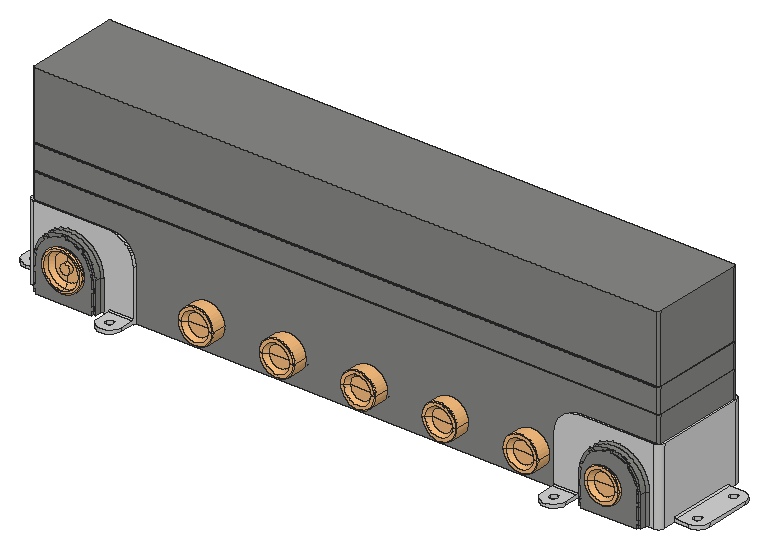
Revit family "Valve-Six_Outlet_Thermostatic-KOHLER-26344W_1", category Plumbing Fixtures, host Face, Revit 2017
Family settings
  Host = Face
  Round Connector Dimension = Use Diameter
  Part Type = Normal
  OmniClass Number = 23.27.31.00
  OmniClass Title = Valves
  Cut with Voids When Loaded = No
  Shared = No
  Room Calculation Point = No
Parameters (values of type "58-Thunder Grey")
  Width = 21 81/128"  # constant formula
  WaterSense Certified = 1 = 0  # no
  Waste Connection = 1 = 0  # no
  Vent Connection = 1 = 0  # no
  Tempered Water Outlet 6 UP [instance] = yes
  Tempered Water Outlet 6 Down [instance] = not(Tempered Water Outlet 6 UP)  # no
  Tempered Water Outlet 6 = "Tempered Water Outlet 6"  # constant formula
  Tempered Water Outlet 5 = "Tempered Water Outlet 5"  # constant formula
  Tempered Water Outlet 4 = "Tempered Water Outlet 4"  # constant formula
  Tempered Water Outlet 3 = "Tempered Water Outlet 3"  # constant formula
  Tempered Water Outlet 2 = "Tempered Water Outlet 2"  # constant formula
  Tempered Water Outlet 1 = "Tempered Water Outlet 1"  # constant formula
  URL = "https://www.kohler.co.uk/"
  Type = 1
  Product Page URL = ""
  Product Name = ""
  Product Documentation Link = ""
  Pressure = 0.00 psi  # constant formula
  Tempered Water Outlet 5 UP [instance] = yes
  Tempered Water Outlet 5 Down [instance] = not(Tempered Water Outlet 5 UP)  # no
  Tempered Water Outlet 4 UP [instance] = yes
  Tempered Water Outlet 4 Down [instance] = not(Tempered Water Outlet 4 UP)  # no
  Tempered Water Outlet 3 UP [instance] = yes
  Tempered Water Outlet 3 Down [instance] = not(Tempered Water Outlet 3 UP)  # no
  Tempered Water Outlet 2 Down [instance] = not(Tempered Water Outlet 2 UP)  # no
  Tempered Water Outlet 1 UP [instance] = yes
  Tempered Water Outlet 1 Down [instance] = not(Tempered Water Outlet 1 UP)  # no
  Model = "26344W-NA"  # constant formula
  Material = "Plastic construction"  # constant formula
  Master Format 2014 Name = "Control Valves"  # constant formula
  Master Format 2014 = "23 09 13.33"  # constant formula
  Manufacturer Address = "Cromwell Road, Cheltenham, Gloucestershire. GL52 5EP Registered in England No. 252115"  # constant formula
  Manufacturer = "KOHLER Co."  # constant formula
  Length = 6 13/128"  # constant formula
  Hot Water Inlet = "Hot Water Inlet"  # constant formula
  Height = 4 113/128"  # constant formula
  HW Connection = 1 = 1  # yes
  Flow Rate = 1.75 GPM  # constant formula
  Finish = Kohler-Plastic-58-Thunder_Grey
  Environmental Product Declaration = ""
  Description = "REC PUSH-BUTTON TH VALVE- 6 OUTLET"  # constant formula
  Default Elevation = 42"
  Declare Label = ""
  Date Modified = "02/12/2021"  # constant formula
  Date Created = "02/11/2021"  # constant formula
  Copyright = "Copyright KOHLER Co."  # constant formula
  Contact Us = "https://www.kohler.co.uk/support/contact/"
  Tempered Water Outlet 2 UP [instance] = yes
  Cold Water Inlet = "Cold Water Inlet"  # constant formula
  CW Connection = 1 = 1  # yes
  Assembly Code = "D2020"
  ADA Compliant = 1 = 0  # no
Reference planes (in)
  plane 1 "Center (Front/Back)": y = 0
  plane 2: z = 0
  plane 3 "Center (Left/Right)": x = 0
  plane 4: y = 2.44056
  plane 5: y = -2.44225
  plane 6: y = 2.06786
  plane 7: y = 0.7088
  plane 8: y = -0.7088
  plane 9: y = -2.06786
  plane 10: y = 1.59449
  plane 11: y = -1.59449
  plane 12: y = 1.06299
  plane 13: y = -1.06299
  plane 14: y = 1.51575
  plane 15: y = -1.51575
  plane 16: x = -10.81695
  plane 17: x = -10.44302
  plane 18: x = -9.87202
  plane 19: x = -9.97044
  plane 20: x = -8.59226
  plane 21: z = -6.10156
  plane 22: x = -4.37846
  plane 23: x = -1.82014
  plane 24: x = 3.29803
  plane 25: x = 8.41418
  plane 26: x = 0.73818
  plane 27: x = 5.85611
  plane 28: x = 10.81586
  plane 29: x = 10.44302
  plane 30: x = 9.87202
  plane 31: x = 9.97044
  plane 32: z = -5.11315
  plane 33: z = -5.21662
Forms (in)
  Extrusion 1, void
    sketch origin (0, 0, 0) x (1, 0, 0) y (0, 1, 0)
      loop
        line (-9.97048, 1.59431) -> (-9.97048, -1.59467) -> (9.97048, -1.59467) -> (9.97048, 1.59431) -> (-9.97048, 1.59431)
    from -3.73137 to 0.93426
  Extrusion 2, void
    sketch origin (-0.02952, -0.09431, 0) x (1, 0, 0) y (0, 1, 0)
      loop
        line (-10.78298, 2.53181) -> (-10.78298, -2.34467) -> (10.84548, -2.34467) -> (10.84548, 2.53181) -> (-10.78298, 2.53181)
    from -6.09846 to -3.57276
Dimensions and locks (in)
  plane 8 to plane 7 = 1.4176"
  plane 10 to plane 11 = 3.18898"
  "Width": plane 16 to plane 28
  "Length": level to plane 21
  "Height": plane 4 to plane 5
  aligned and locked: plane 2 to host face
  aligned and locked: level to host face
Automatic sketch dimensions
  host sketch curve to host sketch curve = 96"  (x2)
  plane 19 to Extrusion 1 sketch curve = 0.00004"
  plane 31 to Extrusion 1 sketch curve = 0.00004"
  plane 11 to Extrusion 1 sketch curve = 0.00018"
  Extrusion 1 sketch curve to plane 10 = 0.00018"
  plane 19 to Extrusion 2 sketch curve = 0.84206"
  plane 31 to Extrusion 2 sketch curve = 0.84552"
  plane 11 to Extrusion 2 sketch curve = 0.84449"
  Extrusion 2 sketch curve to plane 14 = 0.92175"
Nested families (in)
  nested 1: "26344W" at (0, 0, -6.10236), type "26344W"
Connectors (in)
  piping at (-1.82014, 1.9687, -5.21662), diameter 0.5, driven by "Flow Rate", driven by "HW Connection", driven by "Tempered Water Outlet 2"
    settings: on nested 1, index 2, connector inside diameter 24", connector length 0", flow factor 0, pipe flow 1.75 GPM, pressure drop 0.00 psi, fitting loss kfactor 0, connector angle 0.00°, fixture units 0, engagement length 0", angle of deflection 0.00°, flow configuration 1, flow direction 2, fitting loss method 0, system type 19, joint type 0, gender type 0, connector reference index -1, connector utility 1, adjustable connector no, is connector primary yes, connector description "Tempered Water Outlet 2"
  piping at (0.73818, 1.93826, -5.21662), diameter 0.5, driven by "Flow Rate", driven by "HW Connection", driven by "Tempered Water Outlet 3"
    settings: on nested 1, index 3, connector inside diameter 24", connector length 0", flow factor 0, pipe flow 1.75 GPM, pressure drop 0.00 psi, fitting loss kfactor 0, connector angle 0.00°, fixture units 0, engagement length 0", angle of deflection 0.00°, flow configuration 1, flow direction 2, fitting loss method 0, system type 19, joint type 0, gender type 0, connector reference index -1, connector utility 1, adjustable connector no, is connector primary no, connector description "Tempered Water Outlet 3"
  piping at (3.29803, 1.93826, -5.21662), diameter 0.5, driven by "Flow Rate", driven by "HW Connection", driven by "Tempered Water Outlet 4"
    settings: on nested 1, index 4, connector inside diameter 24", connector length 0", flow factor 0, pipe flow 1.75 GPM, pressure drop 0.00 psi, fitting loss kfactor 0, connector angle 0.00°, fixture units 0, engagement length 0", angle of deflection 0.00°, flow configuration 1, flow direction 2, fitting loss method 0, system type 19, joint type 0, gender type 0, connector reference index -1, connector utility 1, adjustable connector no, is connector primary no, connector description "Tempered Water Outlet 4"
  piping at (5.85611, 1.93826, -5.21662), diameter 0.5, driven by "Flow Rate", driven by "HW Connection", driven by "Tempered Water Outlet 5"
    settings: on nested 1, index 5, connector inside diameter 24", connector length 0", flow factor 0, pipe flow 1.75 GPM, pressure drop 0.00 psi, fitting loss kfactor 0, connector angle 0.00°, fixture units 0, engagement length 0", angle of deflection 0.00°, flow configuration 1, flow direction 2, fitting loss method 0, system type 19, joint type 0, gender type 0, connector reference index -1, connector utility 1, adjustable connector no, is connector primary no, connector description "Tempered Water Outlet 5"
  piping at (-8.58107, -1.85253, -5.12263), diameter 0.75, driven by "Flow Rate", driven by "CW Connection", driven by "Cold Water Inlet"
    settings: on nested 1, index 7, connector inside diameter 24", connector length 0", flow factor 0, pipe flow 1.75 GPM, pressure drop 0.00 psi, fitting loss kfactor 0, connector angle 0.00°, fixture units 0, engagement length 0", angle of deflection 0.00°, flow configuration 1, flow direction 1, fitting loss method 0, system type 20, joint type 0, gender type 0, connector reference index -1, connector utility 1, adjustable connector no, is connector primary no, connector description "Cold Water Inlet"
  piping at (-8.58107, 1.84826, -5.12263), diameter 0.75, driven by "Flow Rate", driven by "HW Connection", driven by "Hot Water Inlet"
    settings: on nested 1, index 8, connector inside diameter 24", connector length 0", flow factor 0, pipe flow 1.75 GPM, pressure drop 0.00 psi, fitting loss kfactor 0, connector angle 0.00°, fixture units 0, engagement length 0", angle of deflection 0.00°, flow configuration 1, flow direction 1, fitting loss method 0, system type 19, joint type 0, gender type 0, connector reference index -1, connector utility 1, adjustable connector no, is connector primary no, connector description "Hot Water Inlet"
  piping at (8.41418, 1.92913, -5.21662), diameter 0.5, driven by "Flow Rate", driven by "HW Connection", driven by "Tempered Water Outlet 6"
    settings: on nested 1, index 9, connector inside diameter 24", connector length 0", flow factor 0, pipe flow 1.75 GPM, pressure drop 0.00 psi, fitting loss kfactor 0, connector angle 0.00°, fixture units 0, engagement length 0", angle of deflection 0.00°, flow configuration 1, flow direction 2, fitting loss method 0, system type 19, joint type 0, gender type 0, connector reference index -1, connector utility 1, adjustable connector no, is connector primary no, connector description "Tempered Water Outlet 6"
  piping at (-4.37846, 1.93826, -5.21662), diameter 0.5, driven by "Flow Rate", driven by "HW Connection", driven by "Tempered Water Outlet 1"
    settings: on nested 1, index 10, connector inside diameter 24", connector length 0", flow factor 0, pipe flow 1.75 GPM, pressure drop 0.00 psi, fitting loss kfactor 0, connector angle 0.00°, fixture units 0, engagement length 0", angle of deflection 0.00°, flow configuration 1, flow direction 2, fitting loss method 0, system type 19, joint type 0, gender type 0, connector reference index -1, connector utility 1, adjustable connector no, is connector primary no, connector description "Tempered Water Outlet 1"
Definition of nested family "26344W"
  Parameters (values of type "26344W")
    Material = none
    Connector 6 UP = yes
    Connector 6 Down = not(Connector 6 UP)  # no
    Connector 6 Dist = if(Connector 6 UP, 3 1/32", 0")  # 3 1/32"
    Connector 6 Angle = if(Connector 6 UP, 0.00°, 180.00°)  # 0.00°
    Connector 5 UP = yes
    Connector 5 Down = not(Connector 5 UP)  # no
    Connector 5 Dist = if(Connector 5 UP, 3 1/32", 0")  # 3 1/32"
    Connector 5 Angle = if(Connector 5 UP, 0.00°, 180.00°)  # 0.00°
    Connector 4 UP = yes
    Connector 4 Down = not(Connector 4 UP)  # no
    Connector 4 Dist = if(Connector 4 UP, 3 1/32", 0")  # 3 1/32"
    Connector 4 Angle = if(Connector 4 UP, 0.00°, 180.00°)  # 0.00°
    Connector 3 UP = yes
    Connector 3 Down = not(Connector 3 UP)  # no
    Connector 3 Dist = if(Connector 3 UP, 3 1/32", 0")  # 3 1/32"
    Connector 3 Angle = if(Connector 3 UP, 0.00°, 180.00°)  # 0.00°
    Connector 2 UP = yes
    Connector 2 Down = not(Connector 2 UP)  # no
    Connector 2 Dist = if(Connector 2 UP, 3 1/32", 0")  # 3 1/32"
    Connector 2 Angle = if(Connector 2 UP, 0.00°, 180.00°)  # 0.00°
    Connector 1 UP = yes
    Connector 1 Down = not(Connector 1 UP)  # no
    Connector 1 Dist = if(Connector 1 UP, 3 1/32", 0")  # 3 1/32"
    Connector 1 Angle = if(Connector 1 UP, 0.00°, 180.00°)  # 0.00°
  Reference planes (in)
    plane 1 "Center (Front/Back)": y = 0
    plane 2: z = 0
    plane 3 "Center (Left/Right)": x = 0
    plane 4 "A": z = 0.88574
    plane 5: z = 0.98921
    plane 6: z = 0.11829
    plane 7: z = 0.01953
    plane 8: z = 2.38189
    plane 9: z = 0.15384
    plane 10: z = 6.10236
    plane 11: z = 5.63386
    plane 12: x = -10.81694
    plane 13: x = -9.97048
    plane 14: x = -9.87206
    plane 15: x = -9.56694
    plane 16: x = -9.52757
    plane 17: x = -7.61755
    plane 18: x = -7.65692
    plane 19: x = -7.37206
    plane 20: x = -6.62402
    plane 21: x = -2.37132
    plane 22: x = -1.26896
    plane 23: x = -9.62368
    plane 24: x = -9.77403
    plane 25: x = -7.55523
    plane 26: x = -7.49017
    plane 27: x = -8.59224
    plane 28: x = -6.99804
    plane 29: x = -10.443
    plane 30: x = -1.82014
    plane 31: x = -4.92964
    plane 32: x = -3.82728
    plane 33: x = -4.37846
    plane 34: x = 0.187
    plane 35: x = 1.28936
    plane 36: x = 0.73818
    plane 37: x = 2.74685
    plane 38: x = 3.84921
    plane 39: x = 3.29803
    plane 40: x = 5.30493
    plane 41: x = 6.40729
    plane 42: x = 5.85611
    plane 43: x = 10.81694
    plane 44: x = 9.97048
    plane 45: x = 9.87206
    plane 46: x = 9.56694
    plane 47: x = 9.52757
    plane 48: x = 7.61755
    plane 49: x = 7.65692
    plane 50: x = 7.37206
    plane 51: x = 6.62402
    plane 52: x = 9.62368
    plane 53: x = 9.77403
    plane 54: x = 7.55523
    plane 55: x = 7.49017
    plane 56: x = 6.99804
    plane 57: x = 10.443
    plane 58: y = 2.44166
    plane 59: y = 1.51557
    plane 60: y = -2.44074
    plane 61: y = -1.51593
    plane 62: y = 1.59431
    plane 63: y = -1.59467
    plane 64: y = 1.43697
    plane 65: y = 1.39746
    plane 66: y = -1.43733
    plane 67: y = -1.39782
    plane 68: y = -0.04612
    plane 69: y = 1.06281
    plane 70: y = -1.06317
    plane 71: y = 0.70862
    plane 72: y = -0.70892
    plane 73: y = 2.06768
    plane 74: y = -2.06804
    plane 75: y = 1.98814
    plane 76: y = -1.98834
    plane 77: y = 1.9687
    plane 78: y = -1.96872
    plane 79 "C": y = 1.51532
    plane 80 "D": y = 1.51532
    plane 81 "E": y = 1.51532
    plane 82 "F": y = 1.51532
    plane 83: x = 8.41418
    plane 84 "G": y = 1.51532
    plane 85 "B": y = 1.51532
  Forms (in)
    Extrusion 1, solid, material <- "Material", detail levels medium+fine
      sketch origin (-1.27974, -0.00213, 0.00374) x (1, 0, 0) y (0, 1, 0)
        loop
          line (11.07299, 1.51746) -> (-8.51496, 1.51746)
          arc (-8.51496, 1.51746) -> (-8.56962, 1.49482) -> (-8.59226, 1.44016) r 0.07729
          line (-8.59226, 1.44016) -> (-8.59226, -1.43589)
          arc (-8.59226, -1.43589) -> (-8.56949, -1.49085) -> (-8.51453, -1.51361) r 0.07772
          line (-8.51453, -1.51361) -> (11.07302, -1.51361)
          arc (11.07302, -1.51361) -> (11.12872, -1.49054) -> (11.15179, -1.43485) r 0.07876
          line (11.15179, -1.43485) -> (11.15179, 1.43866)
          arc (11.15179, 1.43866) -> (11.12871, 1.49438) -> (11.07299, 1.51746) r 0.07879
      from 0 to 6.09846
    Extrusion 2, solid, detail levels medium+fine
      sketch origin (-2.55904, -0.00213, -0.00407) x (1, 0, 0) y (0, 1, 0)
        loop
          line (-7.22394, 1.06495) -> (-7.8832, 1.06495)
          arc (-7.8832, 1.06495) -> (-8.14815, 0.9552) -> (-8.2579, 0.69025) r 0.3747
          line (-8.2579, 0.69025) -> (-8.2579, -0.68628)
          arc (-8.2579, -0.68628) -> (-8.14813, -0.95127) -> (-7.88314, -1.06104) r 0.37476
          line (-7.88314, -1.06104) -> (-7.22394, -1.06104) -> (-7.22394, 1.06495)
        loop
          arc (-4.81302, -2.06459) -> (-4.439, -2.43861) -> (-4.06498, -2.06459) r 0.37402
          line (-4.06498, -2.06459) -> (-4.06498, -1.46754) -> (-4.81302, -1.46754) -> (-4.81302, -2.06459)
        loop
          line (-4.06498, 1.44019) -> (-4.06498, 2.06982)
          arc (-4.06498, 2.06982) -> (-4.439, 2.44383) -> (-4.81302, 2.06982) r 0.37402
          line (-4.81302, 2.06982) -> (-4.81302, 1.44019) -> (-4.06498, 1.44019)
        loop
          circle (-7.88396, 0.71075) r 0.12529
        loop
          circle (-7.88396, -0.70685) r 0.12529
        loop
          circle (-4.439, 2.06982) r 0.12354
        loop
          circle (-4.439, -2.06459) r 0.12415
        loop
          line (12.34202, 1.06495) -> (12.34202, -1.06104) -> (13.00122, -1.06104)
          arc (13.00122, -1.06104) -> (13.26622, -0.95127) -> (13.37598, -0.68628) r 0.37476
          line (13.37598, -0.68628) -> (13.37598, 0.69025)
          arc (13.37598, 0.69025) -> (13.26623, 0.9552) -> (13.00128, 1.06495) r 0.3747
          line (13.00128, 1.06495) -> (12.34202, 1.06495)
        loop
          line (9.9311, -2.06459) -> (9.9311, -1.46754) -> (9.18307, -1.46754) -> (9.18307, -2.06459)
          arc (9.18307, -2.06459) -> (9.55708, -2.43861) -> (9.9311, -2.06459) r 0.37402
        loop
          line (9.18307, 1.44019) -> (9.9311, 1.44019) -> (9.9311, 2.06982)
          arc (9.9311, 2.06982) -> (9.55708, 2.44383) -> (9.18307, 2.06982) r 0.37402
          line (9.18307, 2.06982) -> (9.18307, 1.44019)
        loop
          circle (13.00204, 0.71075) r 0.12529
        loop
          circle (13.00204, -0.70685) r 0.12529
        loop
          circle (9.55708, 2.06982) r 0.12354
        loop
          circle (9.55708, -2.06459) r 0.12415
      from 0.02344 to 0.12219
    Sweep 3, solid, material <- "Material", detail levels medium+fine
      path origin (-2.55904, -0.00213, -0.00017) x (1, 0, 0) y (0, 0, 1)
        loop
          line (-5.05908, 0.01969) -> (-5.05908, 0.98445)
          arc (-5.05908, 0.98445) -> (-6.03349, 1.95886) -> (-7.0079, 0.98445) r 0.97441
          line (-7.0079, 0.98445) -> (-7.0079, 0.01969)
      profile origin (-9.56694, -0.00213, 0.5019) x (0, -1, 0) y (1, 0, 0)
        loop
          line (1.85039, 0) -> (1.85039, 0.31023) -> (1.573, 0.31023) -> (1.573, -0.07652)
          arc (1.573, -0.07652) -> (1.61262, -0.02118) -> (1.67729, 0) r 0.10932
          line (1.67729, 0) -> (1.85039, 0)
        loop
          line (-1.85039, 0) -> (-1.6851, 0)
          arc (-1.6851, 0) -> (-1.62043, -0.02118) -> (-1.58082, -0.07652) r 0.10932
          line (-1.58082, -0.07652) -> (-1.58082, 0.31023) -> (-1.85039, 0.31023) -> (-1.85039, 0)
    Extrusion 4, solid, material <- "Material", detail levels medium+fine
      sketch origin (-2.55904, -0.00213, -0.00017) x (1, 0, 0) y (0, 0, 1)
        loop
          line (-6.90947, 0.1378) -> (-6.90947, 0) -> (-5.1575, 0) -> (-5.1575, 0.1378) -> (-5.09845, 0.1378) -> (-5.09845, 0.25591) -> (-5.1575, 0.25591) -> (-5.1575, 0.62992) -> (-5.09845, 0.62992) -> (-5.09845, 0.74803) -> (-5.1575, 0.74803) -> (-5.1575, 0.98425)
          arc (-5.1575, 0.98425) -> (-5.16093, 1.06162) -> (-5.17117, 1.13839) r 0.87598
          line (-5.17117, 1.13839) -> (-5.1138, 1.15269)
          arc (-5.1138, 1.15269) -> (-5.12627, 1.21045) -> (-5.14235, 1.2673) r 0.93495
          line (-5.14235, 1.2673) -> (-5.19974, 1.25299)
          arc (-5.19974, 1.25299) -> (-5.29883, 1.46135) -> (-5.44887, 1.63661) r 0.87598
          line (-5.44887, 1.63661) -> (-5.4124, 1.68329)
          arc (-5.4124, 1.68329) -> (-5.45778, 1.72112) -> (-5.50546, 1.75602) r 0.93495
          line (-5.50546, 1.75602) -> (-5.54194, 1.70932)
          arc (-5.54194, 1.70932) -> (-5.7483, 1.81251) -> (-5.97443, 1.85824) r 0.87598
          line (-5.97443, 1.85824) -> (-5.97443, 1.91753)
          arc (-5.97443, 1.91753) -> (-6.03349, 1.9194) -> (-6.09254, 1.91753) r 0.93495
          line (-6.09254, 1.91753) -> (-6.09254, 1.85824)
          arc (-6.09254, 1.85824) -> (-6.31868, 1.81251) -> (-6.52503, 1.70932) r 0.87598
          line (-6.52503, 1.70932) -> (-6.56151, 1.75602)
          arc (-6.56151, 1.75602) -> (-6.60919, 1.72112) -> (-6.65458, 1.68329) r 0.93495
          line (-6.65458, 1.68329) -> (-6.61811, 1.63661)
          arc (-6.61811, 1.63661) -> (-6.76815, 1.46135) -> (-6.86723, 1.25299) r 0.87598
          line (-6.86723, 1.25299) -> (-6.92462, 1.2673)
          arc (-6.92462, 1.2673) -> (-6.94071, 1.21045) -> (-6.95317, 1.15269) r 0.93495
          line (-6.95317, 1.15269) -> (-6.8958, 1.13839)
          arc (-6.8958, 1.13839) -> (-6.90605, 1.06162) -> (-6.90947, 0.98425) r 0.87598
          line (-6.90947, 0.98425) -> (-6.90947, 0.74803) -> (-6.96853, 0.74803) -> (-6.96853, 0.62992) -> (-6.90947, 0.62992) -> (-6.90947, 0.25591) -> (-6.96853, 0.25591) -> (-6.96853, 0.1378) -> (-6.90947, 0.1378)
      from -1.93127 to 1.88763
    Revolve 5, solid, detail levels medium+fine
      sketch origin (-8.59224, -0.00213, -0.00017) x (0, 1, 0) y (0, 0, 1)
        loop
          line (-1.9862, 1.58663) -> (-1.9862, 1.52773) -> (-1.85039, 1.52773) -> (-1.72942, 1.40675) -> (-1.72942, 0.98425) -> (1.72942, 0.98425) -> (1.72942, 1.40675) -> (1.85039, 1.52773) -> (1.99028, 1.52773) -> (1.99028, 1.58256) -> (1.94895, 1.62388) -> (-1.94895, 1.62388) -> (-1.9862, 1.58663)
        axis (1.99028, 0.98425) -> (-1.9862, 0.98425)
      angle from 0 to 360
    Revolve 6, solid, detail levels medium+fine
      sketch origin (-2.55904, -0.00213, 0.88557) x (1, 0, 0) y (0, 1, 0)
        loop
          line (2.86549, -1.96659) -> (2.95569, -1.83778) -> (3.29722, -1.83778) -> (3.29722, 1.83778) -> (2.95569, 1.83778) -> (2.86254, 1.97081) -> (2.76734, 1.97081) -> (2.74604, 1.94039) -> (2.74604, -1.94039) -> (2.76438, -1.96659) -> (2.86549, -1.96659)
        axis (3.29722, -1.96659) -> (3.29722, 1.97081)
      angle from 0 to 360
    Revolve 7, solid, detail levels medium+fine
      sketch origin (1.47708, -0.00213, 0.88557) x (-1, 0, 0) y (0, -1, 0)
        loop
          line (3.72911, 1.96682) -> (3.63876, 1.83777) -> (3.29722, 1.83777) -> (3.29722, -1.83778) -> (3.63876, -1.83778) -> (3.73192, -1.97083) -> (3.82709, -1.97083) -> (3.8484, -1.9404) -> (3.8484, 1.94039) -> (3.8299, 1.96682) -> (3.72911, 1.96682)
        axis (3.29722, 1.96682) -> (3.29722, -1.97083)
      angle from 0 to 360
    Revolve 8, solid, detail levels medium+fine
      sketch origin (-7.67728, -0.00213, 0.88557) x (1, 0, 0) y (0, 1, 0)
        loop
          line (2.86549, -1.96659) -> (2.95569, -1.83778) -> (3.29722, -1.83778) -> (3.29722, 1.83778) -> (2.95569, 1.83778) -> (2.86274, 1.97052) -> (2.76713, 1.97052) -> (2.74604, 1.94039) -> (2.74604, -1.94039) -> (2.76438, -1.96659) -> (2.86549, -1.96659)
        axis (3.29722, -1.96659) -> (3.29722, 1.97052)
      angle from 0 to 360
    Extrusion 9, solid, detail levels medium+fine
      sketch origin (-2.55904, -0.00213, -0.00017) x (1, 0, 0) y (0, 0, 1)
        loop
          line (-7.50289, 0.11079) -> (-7.40402, 0.11079) -> (-7.40402, 0.20277)
          arc (-7.40402, 0.20277) -> (-7.43537, 0.13734) -> (-7.50289, 0.11079) r 0.09913
      from -1.06299 to 1.06299
    Extrusion 10, solid, detail levels medium+fine
      sketch origin (-2.55904, -0.1076, -0.00407) x (0, 1, 0) y (0, 0, -1)
        loop
          line (1.75993, -0.11488) -> (1.68901, -0.11488) -> (1.68901, -0.19422)
          arc (1.68901, -0.19422) -> (1.70932, -0.14101) -> (1.75993, -0.11488) r 0.07984
      from 4.06494 to 4.81302
    Extrusion 11, solid, detail levels medium+fine
      sketch origin (-2.55904, 0.10333, -0.00407) x (0, -1, 0) y (0, 0, 1)
        loop
          arc (1.75993, 0.11488) -> (1.70932, 0.14101) -> (1.68901, 0.19422) r 0.07984
          line (1.68901, 0.19422) -> (1.68901, 0.11488) -> (1.75993, 0.11488)
      from 4.06494 to 4.81302
    Extrusion 12, solid, detail levels medium+fine
      sketch origin (-2.54786, -0.00213, -0.00452) x (1, 0, 0) y (0, 0, 1)
        loop
          circle (-6.0332, 0.98425) r 0.14992
      from -1.85039 to 1.85039
    Revolve 13, solid, detail levels medium+fine
      sketch origin (0.00081, -0.00213, 0.88557) x (1, 0, 0) y (0, 1, 0)
        loop
          line (2.86549, -1.96659) -> (2.95569, -1.83778) -> (3.29722, -1.83778) -> (3.29722, 1.81221) -> (2.97359, 1.81221) -> (2.8626, 1.97072) -> (2.76728, 1.97072) -> (2.74604, 1.94039) -> (2.74604, -1.94039) -> (2.76438, -1.96659) -> (2.86549, -1.96659)
        axis (3.29722, -1.96659) -> (3.29722, 1.97072)
      angle from 0 to 360
    Extrusion 14, solid, detail levels medium+fine
      sketch origin (-1.27948, 0, -0.00017) x (1, 0, 0) y (0, 1, 0)
        loop
          line (-5.15687, 1.59449) -> (-8.49451, 1.59449)
          arc (-8.49451, 1.59449) -> (-8.63341, 1.53695) -> (-8.69095, 1.39805) r 0.19644
          line (-8.69095, 1.39805) -> (-8.69095, -1.39884)
          arc (-8.69095, -1.39884) -> (-8.63364, -1.53718) -> (-8.4953, -1.59449) r 0.19565
          line (-8.4953, -1.59449) -> (-5.15687, -1.59449) -> (-5.15687, 1.59449)
      from 0 to 2.72835
    Extrusion 15, void
      sketch origin (-1.27948, 0, -0.00017) x (1, 0, 0) y (0, 0, 1)
        loop
          arc (-6.13263, 2.38189) -> (-5.57533, 2.15105) -> (-5.34449, 1.59375) r 0.78814
          line (-5.34449, 1.59375) -> (-5.34449, -0.15625) -> (-4.88263, -0.15625) -> (-4.88263, 2.88189) -> (-8.88263, 2.88189) -> (-8.88263, 2.38189) -> (-6.13263, 2.38189)
      from -1.98819 to 1.98819
    Sweep 16, solid, material <- "Material", detail levels medium+fine
      path origin (2.55903, -0.00213, -0.00017) x (-1, 0, 0) y (0, 0, -1)
        loop
          line (-5.05908, -0.01969) -> (-5.05908, -0.98445)
          arc (-5.05908, -0.98445) -> (-6.03349, -1.95886) -> (-7.0079, -0.98445) r 0.97441
          line (-7.0079, -0.98445) -> (-7.0079, -0.01969)
      profile origin (9.56692, -0.00213, 0.5019) x (0, -1, 0) y (1, 0, 0)
        loop
          line (1.85039, 0) -> (1.6851, 0)
          arc (1.6851, 0) -> (1.62043, 0.02118) -> (1.58082, 0.07652) r 0.10932
          line (1.58082, 0.07652) -> (1.58082, -0.24773) -> (1.85039, -0.24773) -> (1.85039, 0)
        loop
          line (-1.85039, 0) -> (-1.85039, -0.24773) -> (-1.573, -0.24773) -> (-1.573, 0.07652)
          arc (-1.573, 0.07652) -> (-1.61262, 0.02118) -> (-1.67729, 0) r 0.10932
          line (-1.67729, 0) -> (-1.85039, 0)
    Extrusion 17, solid, material <- "Material", detail levels medium+fine
      sketch origin (2.55903, -0.00213, -0.00017) x (-1, 0, 0) y (0, 0, -1)
        loop
          line (-6.90947, -0.1378) -> (-6.96853, -0.1378) -> (-6.96853, -0.25591) -> (-6.90947, -0.25591) -> (-6.90947, -0.62992) -> (-6.96853, -0.62992) -> (-6.96853, -0.74803) -> (-6.90947, -0.74803) -> (-6.90947, -0.98425)
          arc (-6.90947, -0.98425) -> (-6.90605, -1.06162) -> (-6.8958, -1.13839) r 0.87598
          line (-6.8958, -1.13839) -> (-6.95317, -1.15269)
          arc (-6.95317, -1.15269) -> (-6.94071, -1.21045) -> (-6.92462, -1.2673) r 0.93495
          line (-6.92462, -1.2673) -> (-6.86723, -1.25299)
          arc (-6.86723, -1.25299) -> (-6.76815, -1.46135) -> (-6.61811, -1.63661) r 0.87598
          line (-6.61811, -1.63661) -> (-6.65458, -1.68329)
          arc (-6.65458, -1.68329) -> (-6.60919, -1.72112) -> (-6.56151, -1.75602) r 0.93495
          line (-6.56151, -1.75602) -> (-6.52503, -1.70932)
          arc (-6.52503, -1.70932) -> (-6.31868, -1.81251) -> (-6.09254, -1.85824) r 0.87598
          line (-6.09254, -1.85824) -> (-6.09254, -1.91753)
          arc (-6.09254, -1.91753) -> (-6.03349, -1.9194) -> (-5.97443, -1.91753) r 0.93495
          line (-5.97443, -1.91753) -> (-5.97443, -1.85824)
          arc (-5.97443, -1.85824) -> (-5.7483, -1.81251) -> (-5.54194, -1.70932) r 0.87598
          line (-5.54194, -1.70932) -> (-5.50546, -1.75602)
          arc (-5.50546, -1.75602) -> (-5.45778, -1.72112) -> (-5.4124, -1.68329) r 0.93495
          line (-5.4124, -1.68329) -> (-5.44887, -1.63661)
          arc (-5.44887, -1.63661) -> (-5.29883, -1.46135) -> (-5.19974, -1.25299) r 0.87598
          line (-5.19974, -1.25299) -> (-5.14235, -1.2673)
          arc (-5.14235, -1.2673) -> (-5.12627, -1.21045) -> (-5.1138, -1.15269) r 0.93495
          line (-5.1138, -1.15269) -> (-5.17117, -1.13839)
          arc (-5.17117, -1.13839) -> (-5.16093, -1.06162) -> (-5.1575, -0.98425) r 0.87598
          line (-5.1575, -0.98425) -> (-5.1575, -0.74803) -> (-5.09845, -0.74803) -> (-5.09845, -0.62992) -> (-5.1575, -0.62992) -> (-5.1575, -0.25591) -> (-5.09845, -0.25591) -> (-5.09845, -0.1378) -> (-5.1575, -0.1378) -> (-5.1575, 0) -> (-6.90947, 0) -> (-6.90947, -0.1378)
      from -1.93127 to 1.88763
    Revolve 18, solid, detail levels medium+fine
      sketch origin (5.11696, -0.00213, 0.88538) x (1, 0, 0) y (0, 1, 0)
        loop
          line (2.86549, -1.96659) -> (2.95569, -1.83778) -> (3.29722, -1.83778) -> (3.29722, 1.81221) -> (2.97359, 1.81221) -> (2.86252, 1.97083) -> (2.76736, 1.97083) -> (2.74604, 1.94039) -> (2.74604, -1.94039) -> (2.76438, -1.96659) -> (2.86549, -1.96659)
        axis (3.29722, -1.96659) -> (3.29722, 1.97083)
      angle from 0 to 360
    Extrusion 19, solid, detail levels medium+fine
      sketch origin (1.27946, 0, -0.00017) x (-1, 0, 0) y (0, -1, 0)
        loop
          line (-5.15687, -1.59449) -> (-5.15687, 1.59449) -> (-8.4953, 1.59449)
          arc (-8.4953, 1.59449) -> (-8.63364, 1.53718) -> (-8.69095, 1.39884) r 0.19565
          line (-8.69095, 1.39884) -> (-8.69095, -1.39805)
          arc (-8.69095, -1.39805) -> (-8.63341, -1.53695) -> (-8.49451, -1.59449) r 0.19644
          line (-8.49451, -1.59449) -> (-5.15687, -1.59449)
      from 0 to 2.72835
    Revolve 20, solid, detail levels medium+fine
      sketch origin (2.55888, -0.00213, 0.88557) x (1, 0, 0) y (0, 1, 0)
        loop
          line (2.86549, -1.96659) -> (2.95569, -1.83778) -> (3.29722, -1.83778) -> (3.29722, 1.81221) -> (2.97359, 1.81221) -> (2.8626, 1.97072) -> (2.76728, 1.97072) -> (2.74604, 1.94039) -> (2.74604, -1.94039) -> (2.76438, -1.96659) -> (2.86549, -1.96659)
        axis (3.29722, -1.96659) -> (3.29722, 1.97072)
      angle from 0 to 360
    Extrusion 21, void
      sketch origin (0, 0, 0) x (1, 0, 0) y (0, 0, 1)
        loop
          line (10.30095, 2.38189) -> (10.30095, 2.79519) -> (6.30095, 2.79519) -> (6.30095, -0.27349) -> (6.62401, -0.27349) -> (6.62401, 1.59321)
          arc (6.62401, 1.59321) -> (6.85501, 2.15089) -> (7.41269, 2.38189) r 0.78868
          line (7.41269, 2.38189) -> (10.30095, 2.38189)
      from -1.98819 to 1.98819
    Sweep 22, void
      path origin (0, 0, 0) x (1, 0, 0) y (0, 1, 0)
        loop
          line (9.79325, 1.51532) -> (-9.79471, 1.51532)
          arc (-9.79471, 1.51532) -> (-9.84936, 1.49268) -> (-9.872, 1.43803) r 0.07729
          line (-9.872, 1.43803) -> (-9.872, -1.43803)
          arc (-9.872, -1.43803) -> (-9.84924, -1.49298) -> (-9.79428, -1.51575) r 0.07772
          line (-9.79428, -1.51575) -> (9.79328, -1.51575)
          arc (9.79328, -1.51575) -> (9.84897, -1.49268) -> (9.87204, -1.43698) r 0.07876
          line (9.87204, -1.43698) -> (9.87204, 1.43653)
          arc (9.87204, 1.43653) -> (9.84896, 1.49224) -> (9.79325, 1.51532) r 0.07879
      profile origin (-9.872, 0, 0) x (1, 0, 0) y (0, 0, 1)
        loop
          line (-0.01974, 3.99606) -> (-0.01974, 3.95669) -> (0.02661, 3.95669) -> (0.02661, 3.99606) -> (-0.01974, 3.99606)
        loop
          line (-0.01974, 3.20866) -> (-0.01974, 3.16929) -> (0.02661, 3.16929) -> (0.02661, 3.20866) -> (-0.01974, 3.20866)
    Extrusion 23, void
      sketch origin (0, 0, 0) x (1, 0, 0) y (0, 0, 1)
        loop
          circle (-8.59224, 0.98408) r 0.55979
      from 1.57514 to 2.17088
    Extrusion 24, void
      sketch origin (0, 0, 0) x (1, 0, 0) y (0, 0, 1)
        loop
          circle (-8.59224, 0.98408) r 0.56419
      from -2.21845 to -1.57868
    Extrusion 25, void
      sketch origin (0, 0, 0) x (1, 0, 0) y (0, 0, 1)
        loop
          circle (8.41418, 0.88538) r 0.4505
      from 1.57514 to 2.17839
    Extrusion 26, void
      sketch origin (0, 0, 0) x (1, 0, 0) y (0, 0, 1)
        loop
          circle (8.41418, 0.88538) r 0.47389
      from -2.17496 to -1.57868
    Revolve 27, solid, detail levels medium+fine
      sketch origin (-1.82014, 1.51532, 0.88574) x (0, 1, 0) y (-1, 0, 0)
        loop
          line (0.32032, 0) -> (0.32032, -0.1392) -> (0.45338, -0.1392) -> (0.45338, 0) -> (0.32032, 0)
        axis (0.32032, 0) -> (0.45338, 0)
      angle from 0 to 360
    Revolve 28, solid, detail levels medium+fine
      sketch origin (0.73818, 1.51532, 0.88574) x (0, 1, 0) y (-1, 0, 0)
        loop
          line (0.32032, 0) -> (0.32032, -0.12062) -> (0.42294, -0.12062) -> (0.42294, 0) -> (0.32032, 0)
        axis (0.32032, 0) -> (0.42294, 0)
      angle from 0 to 360
    Revolve 29, solid, detail levels medium+fine
      sketch origin (3.29803, 1.51532, 0.88574) x (0, 1, 0) y (-1, 0, 0)
        loop
          line (0.29475, 0) -> (0.29475, -0.13817) -> (0.42294, -0.13817) -> (0.42294, 0) -> (0.29475, 0)
        axis (0.29475, 0) -> (0.42294, 0)
      angle from 0 to 360
    Revolve 30, solid, detail levels medium+fine
      sketch origin (5.85611, 1.51532, 0.88574) x (0, 1, 0) y (-1, 0, 0)
        loop
          line (0.29475, 0) -> (0.29475, -0.13806) -> (0.42294, -0.13806) -> (0.42294, 0) -> (0.29475, 0)
        axis (0.29475, 0) -> (0.42294, 0)
      angle from 0 to 360
    Extrusion 31, solid, detail levels medium+fine
      sketch origin (2.55904, -0.00213, -0.00017) x (-1, 0, 0) y (0, 0, -1)
        loop
          arc (-7.50289, -0.11079) -> (-7.43537, -0.13734) -> (-7.40402, -0.20277) r 0.09913
          line (-7.40402, -0.20277) -> (-7.40402, -0.11079) -> (-7.50289, -0.11079)
      from -1.06299 to 1.06299
    Extrusion 32, solid, detail levels medium+fine
      sketch origin (2.55904, -0.1076, -0.00407) x (0, 1, 0) y (0, 0, 1)
        loop
          arc (1.75993, 0.11488) -> (1.70932, 0.14101) -> (1.68901, 0.19422) r 0.07984
          line (1.68901, 0.19422) -> (1.68901, 0.11488) -> (1.75993, 0.11488)
      from 4.06494 to 4.81302
    Extrusion 33, solid, detail levels medium+fine
      sketch origin (2.55904, 0.10333, -0.00407) x (0, -1, 0) y (0, 0, -1)
        loop
          line (1.75993, -0.11488) -> (1.68901, -0.11488) -> (1.68901, -0.19422)
          arc (1.68901, -0.19422) -> (1.70932, -0.14101) -> (1.75993, -0.11488) r 0.07984
      from 4.06494 to 4.81302
    Revolve 34, solid, detail levels medium+fine
      sketch origin (8.41418, 1.51532, 0.88574) x (0, 1, 0) y (-1, 0, 0)
        loop
          line (0.29475, 0) -> (0.29475, -0.11928) -> (0.41381, -0.11928) -> (0.41381, 0) -> (0.29475, 0)
        axis (0.29475, 0) -> (0.41381, 0)
      angle from 0 to 360
    Extrusion 35, solid, material <- "Material", detail levels coarse
      sketch origin (-0.75235, 0.401, 0) x (1, 0, 0) y (0, 1, 0)
        loop
          line (-9.21807, -1.99549) -> (10.72276, -1.99549) -> (10.72276, 1.19348) -> (-9.21807, 1.19348) -> (-9.21807, -1.99549)
      from 0 to 6.10219
    Extrusion 36, solid, detail levels coarse
      sketch origin (0, 0, 0) x (1, 0, 0) y (0, 0, 1)
        loop
          line (10.10058, 0.01936) -> (10.10058, 2.51936) -> (6.50408, 2.51936) -> (6.50408, 0.01936) -> (10.10058, 0.01936)
      from -1.67067 to 1.66332
    Extrusion 37, solid, material <- "Material", detail levels coarse
      sketch origin (0, 0, 0) x (1, 0, 0) y (0, 0, 1)
        loop
          line (9.56692, -0.00017) -> (9.56692, 0.9957)
          arc (9.56692, 0.9957) -> (8.59251, 1.97011) -> (7.6181, 0.9957) r 0.97441
          line (7.6181, 0.9957) -> (7.6181, -0.00017) -> (9.56692, -0.00017)
      from -1.98814 to 1.98834
    Extrusion 38, solid, detail levels coarse
      sketch origin (-2.69408, -0.12615, 0) x (1, 0, 0) y (0, 1, 0)
        loop
          line (13.51101, -0.93702) -> (13.51101, 1.18896) -> (12.66449, 1.18896) -> (12.66449, 1.72064) -> (10.06613, 1.72064) -> (10.06613, 2.20498)
          arc (10.06613, 2.20498) -> (9.69212, 2.579) -> (9.3181, 2.20498) r 0.37402
          line (9.3181, 2.20498) -> (9.3181, -1.95221)
          arc (9.3181, -1.95221) -> (9.69212, -2.32623) -> (10.06613, -1.95221) r 0.37402
          line (10.06613, -1.95221) -> (10.06613, -1.46834) -> (12.66449, -1.46834) -> (12.66449, -0.93702) -> (13.51101, -0.93702)
        loop
          line (-7.27635, -1.46834) -> (-4.67798, -1.46834) -> (-4.67798, -1.93928)
          arc (-4.67798, -1.93928) -> (-4.30397, -2.31329) -> (-3.92995, -1.93928) r 0.37402
          line (-3.92995, -1.93928) -> (-3.92995, 2.19797)
          arc (-3.92995, 2.19797) -> (-4.30397, 2.57199) -> (-4.67798, 2.19797) r 0.37402
          line (-4.67798, 2.19797) -> (-4.67798, 1.72034) -> (-7.27635, 1.72034) -> (-7.27635, 1.18896) -> (-8.12286, 1.18896) -> (-8.12286, -0.93702) -> (-7.27635, -0.93702) -> (-7.27635, -1.46834)
      from 0.02344 to 0.12219
    Extrusion 39, solid, detail levels coarse
      sketch origin (0, 0, 0) x (1, 0, 0) y (0, 0, 1)
        loop
          circle (-8.59224, 0.98408) r 0.63963
        loop
          circle (-4.38006, 0.88557) r 0.55118
        loop
          circle (-1.82014, 0.88557) r 0.55118
        loop
          circle (0.73818, 0.88557) r 0.55118
        loop
          circle (3.29803, 0.88557) r 0.55118
        loop
          circle (5.85611, 0.88557) r 0.55118
        loop
          circle (8.41418, 0.88538) r 0.55118
      from -2.12179 to 2.12447
    Extrusion 40, solid, detail levels coarse
      sketch origin (-0.00002, 0, 0) x (-1, 0, 0) y (0, 0, -1)
        loop
          line (10.10058, -0.01936) -> (6.50408, -0.01936) -> (6.50408, -2.51936) -> (10.10058, -2.51936) -> (10.10058, -0.01936)
      from -1.67067 to 1.66332
    Extrusion 41, solid, material <- "Material", detail levels coarse
      sketch origin (-0.00002, 0, 0) x (-1, 0, 0) y (0, 0, -1)
        loop
          line (9.56692, 0.00017) -> (7.6181, 0.00017) -> (7.6181, -0.9957)
          arc (7.6181, -0.9957) -> (8.59251, -1.97011) -> (9.56692, -0.9957) r 0.97441
          line (9.56692, -0.9957) -> (9.56692, 0.00017)
      from -1.98814 to 1.98834
    Revolve 42, solid, detail levels medium+fine
      sketch origin (-4.37846, 1.51532, 0.88574) x (0, 1, 0) y (-1, 0, 0)
        loop
          line (0.32032, 0) -> (0.32032, -0.1087) -> (0.42294, -0.1087) -> (0.42294, 0) -> (0.32032, 0)
        axis (0.32032, 0) -> (0.42294, 0)
      angle from 0 to 360
  Cuts and joins
    Extrusion 15 cuts Extrusion 2
    Extrusion 15 cuts Extrusion 10
    Extrusion 15 cuts Extrusion 11
    Extrusion 15 cuts Extrusion 14
    Extrusion 21 cuts Extrusion 19
    joined: Extrusion 2, Extrusion 9, Extrusion 10, Extrusion 11, Extrusion 14, Extrusion 19, Extrusion 31, Extrusion 32, Extrusion 33
    Sweep 22 cuts Extrusion 1
    Extrusion 23, Extrusion 24 cuts Extrusion 4
    Extrusion 25, Extrusion 26 cuts Extrusion 17
    joined: Extrusion 1, Sweep 3, Extrusion 4, Sweep 16, Extrusion 17
    joined: Revolve 5, Revolve 6, Revolve 7, Revolve 8, Extrusion 12, Revolve 13, Revolve 18, Revolve 20
    joined: Extrusion 36, Extrusion 38, Extrusion 40
    joined: Extrusion 35, Extrusion 37, Extrusion 41
  Lines and regions (in)
    Masking region 1
      outline origin (-1.27948, 0, 0) x (1, 0, 0) y (0, 1, 0)
        loop
          line (-8.69095, 1.39805) -> (-8.69095, -1.39805)
          arc (-8.69095, -1.39805) -> (-8.63341, -1.53695) -> (-8.49451, -1.59449) r 0.19644
          line (-8.49451, -1.59449) -> (11.05429, -1.59449)
          arc (11.05429, -1.59449) -> (11.1932, -1.53695) -> (11.25073, -1.39805) r 0.19644
          line (11.25073, -1.39805) -> (11.25073, 1.39805)
          arc (11.25073, 1.39805) -> (11.1932, 1.53695) -> (11.05429, 1.59449) r 0.19644
          line (11.05429, 1.59449) -> (-8.49451, 1.59449)
          arc (-8.49451, 1.59449) -> (-8.63341, 1.53695) -> (-8.69095, 1.39805) r 0.19644
    Masking region 2, detail levels medium+fine
      outline origin (-1.27949, 0, 0) x (1, 0, 0) y (0, 0, 1)
        loop
          line (11.15148, 6.10236) -> (-8.59252, 6.10236) -> (-8.59252, 2.38189) -> (-8.69095, 2.38189) -> (-8.69095, 0.17181)
          arc (-8.69095, 0.17181) -> (-8.71247, 0.13971) -> (-8.74464, 0.11829) r 0.09913
          line (-8.74464, 0.11829) -> (-9.53746, 0.11829) -> (-9.53746, 0.01953) -> (-8.71884, 0.01953) -> (-8.69095, 0) -> (11.2499, 0) -> (11.2778, 0.01953) -> (12.09642, 0.01953) -> (12.09642, 0.11829) -> (11.3036, 0.11829)
          arc (11.3036, 0.11829) -> (11.27143, 0.13971) -> (11.2499, 0.17181) r 0.09913
          line (11.2499, 0.17181) -> (11.2499, 2.38189) -> (11.15148, 2.38189) -> (11.15148, 6.10236)
    Masking region 3
      outline origin (0, 0, 0) x (0, 1, 0) y (0, 0, 1)
        loop
          line (1.51532, 6.10236) -> (-1.51575, 6.10236) -> (-1.51575, 2.38189) -> (-1.59449, 2.38189) -> (-1.59449, 2.01853)
          arc (-1.59449, 2.01853) -> (-1.63488, 1.97442) -> (-1.69263, 1.95886) r 0.10703
          line (-1.69263, 1.95886) -> (-1.84826, 1.95886) -> (-1.84826, 1.91943) -> (-1.92913, 1.91943) -> (-1.92913, 1.64157) -> (-1.98814, 1.58256) -> (-1.98814, 0.36849) -> (-1.92913, 0.32868) -> (-1.92913, 0.11829) -> (-2.44074, 0.11829) -> (-2.44074, 0.01953) -> (-1.96296, 0.01953) -> (-1.92913, 0) -> (1.92913, 0) -> (1.96296, 0.01953) -> (2.44166, 0.01953) -> (2.44166, 0.11829) -> (1.92913, 0.11829) -> (1.92913, 0.32868) -> (1.98814, 0.36849) -> (1.98814, 1.58256) -> (1.92913, 1.64157) -> (1.92913, 1.91943) -> (1.84826, 1.91943) -> (1.84826, 1.95886) -> (1.69263, 1.95886)
          arc (1.69263, 1.95886) -> (1.63488, 1.97442) -> (1.59449, 2.01853) r 0.10703
          line (1.59449, 2.01853) -> (1.59449, 2.38189) -> (1.51532, 2.38189) -> (1.51532, 6.10236)
    symbolic lines, detail levels medium+fine
      curve 1: line (-9.872, 1.43846, 0) -> (-9.872, -1.43846, 0)
      curve 2: line (-9.79471, 1.51532, 0) -> (9.79235, 1.51532, 0)
      curve 3: arc (-9.79471, -1.51575, 0) -> (-9.84936, -1.49311, 0) -> (-9.872, -1.43846, 0) r 0.07729
      curve 4: line (9.87204, -1.43794, 0) -> (9.87204, 1.43563, 0)
      curve 5: arc (9.87204, 1.43563, 0) -> (9.8487, 1.49198, 0) -> (9.79235, 1.51532, 0) r 0.07969
      curve 6: line (-6.62398, 0, 1.59375) -> (-6.62398, 0, 0)
      curve 7: arc (-7.41212, 0, 2.38189) -> (-6.85482, 0, 2.15105) -> (-6.62398, 0, 1.59375) r 0.78814
      curve 8: line (-9.87201, 0, 2.38189) -> (-7.41212, 0, 2.38189)
      curve 9: arc (-7.61813, 0, 0.98445) -> (-8.59254, 0, 1.95886) -> (-9.56695, 0, 0.98445) r 0.97441
      curve 10: line (-9.56695, 0, 0.98445) -> (-9.56695, 0, 0.01969)
      curve 11: line (-7.61813, 0, 0.01969) -> (-7.61813, 0, 0.98445)
      curve 12: line (-9.64347, 0, 0.01969) -> (-9.64347, 0, 0.97907)
      curve 13: line (-7.54161, 0, 0.97907) -> (-7.54161, 0, 0.01969)
      curve 14: line (-9.64347, 0, 0.01969) -> (-9.46853, 0, 0.01969)
      curve 15: line (-7.54161, 0, 0.01969) -> (-7.71656, 0, 0.01969)
      curve 16: line (-7.71656, 0, 0) -> (-7.71656, 0, 0.1378)
      curve 17: line (-7.71656, 0, 0.1378) -> (-7.6575, 0, 0.1378)
      curve 18: line (-7.6575, 0, 0.1378) -> (-7.6575, 0, 0.25591)
      curve 19: line (-7.6575, 0, 0.25591) -> (-7.71656, 0, 0.25591)
      curve 20: line (-7.71656, 0, 0.25591) -> (-7.71656, 0, 0.62992)
      curve 21: line (-7.71656, 0, 0.62992) -> (-7.6575, 0, 0.62992)
      curve 22: line (-7.6575, 0, 0.62992) -> (-7.6575, 0, 0.74803)
      curve 23: line (-7.6575, 0, 0.74803) -> (-7.71656, 0, 0.74803)
      curve 24: line (-7.71656, 0, 0.74803) -> (-7.71656, 0, 0.98425)
      curve 25: arc (-7.71656, 0, 0.98425) -> (-7.71998, 0, 1.06162) -> (-7.73022, 0, 1.13839) r 0.87598
      curve 26: line (-7.73022, 0, 1.13839) -> (-7.67286, 0, 1.15269)
      curve 27: arc (-7.67286, 0, 1.15269) -> (-7.68532, 0, 1.21045) -> (-7.70141, 0, 1.2673) r 0.93495
      curve 28: line (-7.70141, 0, 1.2673) -> (-7.7588, 0, 1.25299)
      curve 29: arc (-7.7588, 0, 1.25299) -> (-7.85788, 0, 1.46135) -> (-8.00792, 0, 1.63661) r 0.87598
      curve 30: line (-8.00792, 0, 1.63661) -> (-7.97145, 0, 1.68329)
      curve 31: arc (-7.97145, 0, 1.68329) -> (-8.01684, 0, 1.72112) -> (-8.06452, 0, 1.75602) r 0.93495
      curve 32: line (-8.06452, 0, 1.75602) -> (-8.10099, 0, 1.70932)
      curve 33: arc (-8.10099, 0, 1.70932) -> (-8.30735, 0, 1.81251) -> (-8.53349, 0, 1.85824) r 0.87598
      curve 34: line (-8.53349, 0, 1.85824) -> (-8.53349, 0, 1.91753)
      curve 35: arc (-8.53349, 0, 1.91753) -> (-8.59254, 0, 1.9194) -> (-8.6516, 0, 1.91753) r 0.93495
      curve 36: line (-8.6516, 0, 1.91753) -> (-8.6516, 0, 1.85824)
      curve 37: arc (-8.6516, 0, 1.85824) -> (-8.87773, 0, 1.81251) -> (-9.08409, 0, 1.70932) r 0.87598
      curve 38: line (-9.08409, 0, 1.70932) -> (-9.12057, 0, 1.75602)
      curve 39: arc (-9.12057, 0, 1.75602) -> (-9.16825, 0, 1.72112) -> (-9.21363, 0, 1.68329) r 0.93495
      curve 40: line (-9.21363, 0, 1.68329) -> (-9.17716, 0, 1.63661)
      curve 41: arc (-9.17716, 0, 1.63661) -> (-9.3272, 0, 1.46135) -> (-9.42628, 0, 1.25299) r 0.87598
      curve 42: line (-9.42628, 0, 1.25299) -> (-9.48368, 0, 1.2673)
      curve 43: arc (-9.48368, 0, 1.2673) -> (-9.49976, 0, 1.21045) -> (-9.51223, 0, 1.15269) r 0.93495
      curve 44: line (-9.51223, 0, 1.15269) -> (-9.45486, 0, 1.13839)
      curve 45: arc (-9.45486, 0, 1.13839) -> (-9.4651, 0, 1.06162) -> (-9.46853, 0, 0.98425) r 0.87598
      curve 46: line (-9.46853, 0, 0.98425) -> (-9.46853, 0, 0.74803)
      curve 47: line (-9.46853, 0, 0.74803) -> (-9.52758, 0, 0.74803)
      curve 48: line (-9.52758, 0, 0.74803) -> (-9.52758, 0, 0.62992)
      curve 49: line (-9.52758, 0, 0.62992) -> (-9.46853, 0, 0.62992)
      curve 50: line (-9.46853, 0, 0.62992) -> (-9.46853, 0, 0.25591)
      curve 51: line (-9.46853, 0, 0.25591) -> (-9.52758, 0, 0.25591)
      curve 52: line (-9.52758, 0, 0.25591) -> (-9.52758, 0, 0.1378)
      curve 53: line (-9.52758, 0, 0.1378) -> (-9.46853, 0, 0.1378)
      curve 54: line (-9.46853, 0, 0.1378) -> (-9.46853, 0, 0)
      curve 55: arc (-9.64347, 0, 0.97907) -> (-8.59254, 0, 2.03) -> (-7.54161, 0, 0.97907) r 1.05093
      curve 56: arc (-8.59226, 0, 1.62388) -> (-9.23189, 0, 0.98425) -> (-8.59226, 0, 0.34462) r 0.63963
      curve 57: arc (-8.59226, 0, 0.34462) -> (-7.95262, 0, 0.98425) -> (-8.59226, 0, 1.62388) r 0.63963
      curve 58: arc (-8.59226, 0, 0.38386) -> (-7.99186, 0, 0.98425) -> (-8.59226, 0, 1.58465) r 0.60039
      curve 59: arc (-8.59226, 0, 1.58465) -> (-9.19265, 0, 0.98425) -> (-8.59226, 0, 0.38386) r 0.60039
      curve 60: arc (-8.59226, 0, 1.52773) -> (-9.13573, 0, 0.98425) -> (-8.59226, 0, 0.44078) r 0.54348
      curve 61: arc (-8.59226, 0, 0.44078) -> (-8.04878, 0, 0.98425) -> (-8.59226, 0, 1.52773) r 0.54348
      curve 62: arc (-8.59226, 0, 0.56175) -> (-8.16976, 0, 0.98425) -> (-8.59226, 0, 1.40675) r 0.4225
      curve 63: arc (-8.59226, 0, 1.40675) -> (-9.01476, 0, 0.98425) -> (-8.59226, 0, 0.56175) r 0.4225
      curve 64: arc (-8.59958, 0, 1.13913) -> (-8.7495, 0, 0.98921) -> (-8.59958, 0, 0.8393) r 0.14992
      curve 65: arc (-8.59958, 0, 0.8393) -> (-8.44966, 0, 0.98921) -> (-8.59958, 0, 1.13913) r 0.14992
      curve 66: line (-7.37207, 0, 0.15384) -> (-6.62398, 0, 0.15384)
      curve 67: line (-7.37207, 0, 0.15384) -> (-7.37207, 0, 0.01953)
      curve 68: line (-7.37207, 0, 0.01953) -> (-6.62398, 0, 0.01953)
      curve 69: line (-6.62398, 0, 0.11829) -> (-7.37207, 0, 0.11829)
      curve 70: arc (7.6181, 0, 0.98445) -> (8.59251, 0, 1.95886) -> (9.56692, 0, 0.98445) r 0.97441
      curve 71: line (9.56692, 0, 0.98445) -> (9.56692, 0, 0.01969)
      curve 72: line (7.6181, 0, 0.01969) -> (7.6181, 0, 0.98445)
      curve 73: line (9.64344, 0, 0.01969) -> (9.64344, 0, 0.97907)
      curve 74: line (7.54159, 0, 0.97907) -> (7.54159, 0, 0.01969)
      curve 75: line (9.64344, 0, 0.01969) -> (9.4685, 0, 0.01969)
      curve 76: line (7.54159, 0, 0.01969) -> (7.71653, 0, 0.01969)
      curve 77: line (7.71653, 0, 0) -> (7.71653, 0, 0.1378)
      curve 78: line (7.71653, 0, 0.1378) -> (7.65747, 0, 0.1378)
      curve 79: line (7.65747, 0, 0.1378) -> (7.65747, 0, 0.25591)
      curve 80: line (7.65747, 0, 0.25591) -> (7.71653, 0, 0.25591)
      curve 81: line (7.71653, 0, 0.25591) -> (7.71653, 0, 0.62992)
      curve 82: line (7.71653, 0, 0.62992) -> (7.65747, 0, 0.62992)
      curve 83: line (7.65747, 0, 0.62992) -> (7.65747, 0, 0.74803)
      curve 84: line (7.65747, 0, 0.74803) -> (7.71653, 0, 0.74803)
      curve 85: line (7.71653, 0, 0.74803) -> (7.71653, 0, 0.98425)
      curve 86: arc (7.71653, 0, 0.98425) -> (7.71995, 0, 1.06162) -> (7.7302, 0, 1.13839) r 0.87598
      curve 87: line (7.7302, 0, 1.13839) -> (7.67283, 0, 1.15269)
      curve 88: arc (7.67283, 0, 1.15269) -> (7.68529, 0, 1.21045) -> (7.70138, 0, 1.2673) r 0.93495
      curve 89: line (7.70138, 0, 1.2673) -> (7.75877, 0, 1.25299)
      curve 90: arc (7.75877, 0, 1.25299) -> (7.85785, 0, 1.46135) -> (8.0079, 0, 1.63661) r 0.87598
      curve 91: line (8.0079, 0, 1.63661) -> (7.97143, 0, 1.68329)
      curve 92: arc (7.97143, 0, 1.68329) -> (8.01681, 0, 1.72112) -> (8.06449, 0, 1.75602) r 0.93495
      curve 93: line (8.06449, 0, 1.75602) -> (8.10097, 0, 1.70932)
      curve 94: arc (8.10097, 0, 1.70932) -> (8.30732, 0, 1.81251) -> (8.53346, 0, 1.85824) r 0.87598
      curve 95: line (8.53346, 0, 1.85824) -> (8.53346, 0, 1.91753)
      curve 96: arc (8.53346, 0, 1.91753) -> (8.59251, 0, 1.9194) -> (8.65157, 0, 1.91753) r 0.93495
      curve 97: line (8.65157, 0, 1.91753) -> (8.65157, 0, 1.85824)
      curve 98: arc (8.65157, 0, 1.85824) -> (8.87771, 0, 1.81251) -> (9.08406, 0, 1.70932) r 0.87598
      curve 99: line (9.08406, 0, 1.70932) -> (9.12054, 0, 1.75602)
      curve 100: arc (9.12054, 0, 1.75602) -> (9.16822, 0, 1.72112) -> (9.2136, 0, 1.68329) r 0.93495
      curve 101: line (9.2136, 0, 1.68329) -> (9.17713, 0, 1.63661)
      curve 102: arc (9.17713, 0, 1.63661) -> (9.32718, 0, 1.46135) -> (9.42626, 0, 1.25299) r 0.87598
      curve 103: line (9.42626, 0, 1.25299) -> (9.48365, 0, 1.2673)
      curve 104: arc (9.48365, 0, 1.2673) -> (9.49974, 0, 1.21045) -> (9.5122, 0, 1.15269) r 0.93495
      curve 105: line (9.5122, 0, 1.15269) -> (9.45483, 0, 1.13839)
      curve 106: arc (9.45483, 0, 1.13839) -> (9.46507, 0, 1.06162) -> (9.4685, 0, 0.98425) r 0.87598
      curve 107: line (9.4685, 0, 0.98425) -> (9.4685, 0, 0.74803)
      curve 108: line (9.4685, 0, 0.74803) -> (9.52755, 0, 0.74803)
      curve 109: line (9.52755, 0, 0.74803) -> (9.52755, 0, 0.62992)
      curve 110: line (9.52755, 0, 0.62992) -> (9.4685, 0, 0.62992)
      curve 111: line (9.4685, 0, 0.62992) -> (9.4685, 0, 0.25591)
      curve 112: line (9.4685, 0, 0.25591) -> (9.52755, 0, 0.25591)
      curve 113: line (9.52755, 0, 0.25591) -> (9.52755, 0, 0.1378)
      curve 114: line (9.52755, 0, 0.1378) -> (9.4685, 0, 0.1378)
      curve 115: line (9.4685, 0, 0.1378) -> (9.4685, 0, 0)
      curve 116: arc (9.64344, 0, 0.97907) -> (8.59251, 0, 2.03) -> (7.54159, 0, 0.97907) r 1.05093
      curve 117: arc (8.96536, 0, 0.88555) -> (8.41418, 0, 1.43673) -> (7.863, 0, 0.88555) r 0.55118
      curve 118: arc (8.94702, 0, 0.88555) -> (8.41418, 0, 1.41839) -> (7.88134, 0, 0.88555) r 0.53284
      curve 119: arc (7.863, 0, 0.88555) -> (8.41418, 0, 0.33437) -> (8.96536, 0, 0.88555) r 0.55118
      curve 120: arc (7.88134, 0, 0.88555) -> (8.41418, 0, 0.35271) -> (8.94702, 0, 0.88555) r 0.53284
      curve 121: arc (8.84591, 0, 0.88555) -> (8.41418, 0, 0.45382) -> (7.98245, 0, 0.88555) r 0.43173
      curve 122: arc (8.75571, 0, 0.88555) -> (8.41418, 0, 0.54401) -> (8.07264, 0, 0.88555) r 0.34154
      curve 123: arc (8.41591, 0, 1.03355) -> (8.26599, 0, 0.88363) -> (8.41591, 0, 0.73372) r 0.14992
      curve 124: arc (8.41591, 0, 0.73372) -> (8.56583, 0, 0.88363) -> (8.41591, 0, 1.03355) r 0.14992
      curve 125: arc (8.07264, 0, 0.88555) -> (8.41418, 0, 1.22708) -> (8.75571, 0, 0.88555) r 0.34154
      curve 126: arc (7.98245, 0, 0.88555) -> (8.41418, 0, 1.31727) -> (8.84591, 0, 0.88555) r 0.43173
      curve 127: line (6.62395, 0, 0) -> (6.62395, 0, 1.59375)
      curve 128: arc (6.62395, 0, 1.59375) -> (6.85479, 0, 2.15105) -> (7.41209, 0, 2.38189) r 0.78814
      curve 129: line (7.41209, 0, 2.38189) -> (9.87219, 0, 2.38189)
      curve 130: line (6.62395, 0, 0.11829) -> (7.37122, 0, 0.11829)
      curve 131: line (7.37122, 0, 0.15357) -> (6.62395, 0, 0.15357)
      curve 132: line (7.37122, 0, 0.01953) -> (7.37122, 0, 0.15357)
      curve 133: line (7.37122, 0, 0.01953) -> (6.62395, 0, 0.01953)
      curve 134: arc (-4.93125, 0, 0.88574) -> (-4.38007, 0, 0.33456) -> (-3.8289, 0, 0.88574) r 0.55118
      curve 135: arc (-4.91291, 0, 0.88574) -> (-4.38007, 0, 0.3529) -> (-3.84723, 0, 0.88574) r 0.53284
      curve 136: arc (-3.94835, 0, 0.88574) -> (-4.38007, 0, 0.45401) -> (-4.8118, 0, 0.88574) r 0.43173
      curve 137: arc (-4.03854, 0, 0.88574) -> (-4.38007, 0, 0.54421) -> (-4.72161, 0, 0.88574) r 0.34154
      curve 138: arc (-4.37951, 0, 1.03378) -> (-4.52943, 0, 0.88386) -> (-4.37951, 0, 0.73394) r 0.14992
      curve 139: arc (-4.37951, 0, 0.73394) -> (-4.2296, 0, 0.88386) -> (-4.37951, 0, 1.03378) r 0.14992
      curve 140: arc (-4.72161, 0, 0.88574) -> (-4.38007, 0, 1.22728) -> (-4.03854, 0, 0.88574) r 0.34154
      curve 141: arc (-4.8118, 0, 0.88574) -> (-4.38007, 0, 1.31747) -> (-3.94835, 0, 0.88574) r 0.43173
      curve 142: arc (-3.84723, 0, 0.88574) -> (-4.38007, 0, 1.41858) -> (-4.91291, 0, 0.88574) r 0.53284
      curve 143: arc (-3.8289, 0, 0.88574) -> (-4.38007, 0, 1.43692) -> (-4.93125, 0, 0.88574) r 0.55118
      curve 144: arc (-2.37133, 0, 0.88574) -> (-1.82015, 0, 0.33456) -> (-1.26897, 0, 0.88574) r 0.55118
      curve 145: arc (-2.35283, 0, 0.88574) -> (-1.82015, 0, 0.35307) -> (-1.28747, 0, 0.88574) r 0.53268
      curve 146: arc (-1.38826, 0, 0.88574) -> (-1.82015, 0, 0.45385) -> (-2.25204, 0, 0.88574) r 0.43189
      curve 147: arc (-1.47861, 0, 0.88574) -> (-1.82015, 0, 0.54421) -> (-2.16168, 0, 0.88574) r 0.34154
      curve 148: arc (-1.81861, 0, 0.73199) -> (-1.66869, 0, 0.88191) -> (-1.81861, 0, 1.03182) r 0.14992
      curve 149: arc (-1.81861, 0, 1.03182) -> (-1.96852, 0, 0.88191) -> (-1.81861, 0, 0.73199) r 0.14992
      curve 150: arc (-2.16168, 0, 0.88574) -> (-1.82015, 0, 1.22728) -> (-1.47861, 0, 0.88574) r 0.34154
      curve 151: arc (-2.25204, 0, 0.88574) -> (-1.82015, 0, 1.31763) -> (-1.38826, 0, 0.88574) r 0.43189
      curve 152: arc (-1.28747, 0, 0.88574) -> (-1.82015, 0, 1.41842) -> (-2.35283, 0, 0.88574) r 0.53268
      curve 153: arc (-1.26897, 0, 0.88574) -> (-1.82015, 0, 1.43692) -> (-2.37133, 0, 0.88574) r 0.55118
      curve 154: arc (0.18699, 0, 0.88574) -> (0.73817, 0, 0.33456) -> (1.28935, 0, 0.88574) r 0.55118
      curve 155: arc (0.20533, 0, 0.88574) -> (0.73817, 0, 0.3529) -> (1.27101, 0, 0.88574) r 0.53284
      curve 156: arc (1.1699, 0, 0.88574) -> (0.73817, 0, 0.45401) -> (0.30644, 0, 0.88574) r 0.43173
      curve 157: arc (1.0797, 0, 0.88574) -> (0.73817, 0, 0.54421) -> (0.39663, 0, 0.88574) r 0.34154
      curve 158: arc (0.73933, 0, 0.73785) -> (0.88925, 0, 0.88777) -> (0.73933, 0, 1.03768) r 0.14992
      curve 159: arc (0.73933, 0, 1.03768) -> (0.58941, 0, 0.88777) -> (0.73933, 0, 0.73785) r 0.14992
      curve 160: arc (0.39663, 0, 0.88574) -> (0.73817, 0, 1.22728) -> (1.0797, 0, 0.88574) r 0.34154
      curve 161: arc (0.30644, 0, 0.88574) -> (0.73817, 0, 1.31747) -> (1.1699, 0, 0.88574) r 0.43173
      curve 162: arc (1.27101, 0, 0.88574) -> (0.73817, 0, 1.41858) -> (0.20533, 0, 0.88574) r 0.53284
      curve 163: arc (1.28935, 0, 0.88574) -> (0.73817, 0, 1.43692) -> (0.18699, 0, 0.88574) r 0.55118
